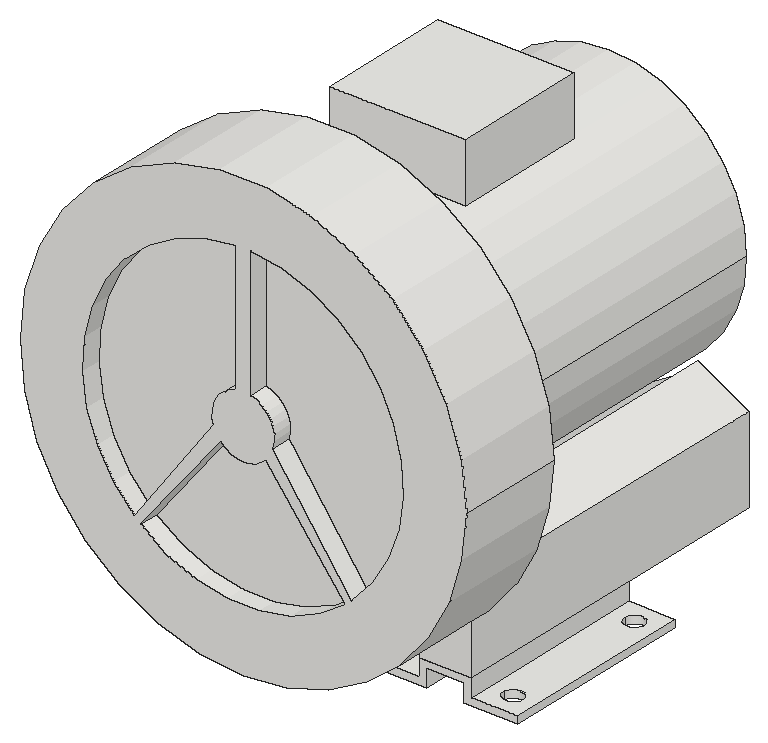
Revit family "PAV_ANAESTIVAC 2", category Equipement de génie climatique, Revit 2018
Family settings
  Cote de connecteur circulaire = Utiliser le diamètre
  Classification = Aucun
  Type d'élément = Normal
  Basée sur le plan de construction = Non
  Toujours verticalement = Oui
  Couper avec des vides une fois chargée = Non
  Partagée = Non
  Point de calcul de pièce = Non
Parameters (values of type "Y006V")
  Zone de maintenance coffret = yes
  Zone de maintenance 1 = yes
  VENT_RAYON_SUPPORT = 125 mm
  VENT_HAUTEUR = 130 mm
  VENT_EPAISSEUR = 61 mm
  VENT_RAYON_VIDE = 90 mm
  VENT_DIAMETRE = 250 mm
  Type_coffret = tableau éléctrique EPT : Coffret_PM2_3xSL150R
  TENSION_ALIM = 400 V
  SOCLE_TROU_LONG = 205 mm
  SOCLE_TROU_LARG = 85 mm
  SOCLE_TROU_DIAMETRE = 11 mm
  SOCLE_PIECE_RAYON = 80 mm
  SOCLE_LONG = 230 mm
  SOCLE_LARG = 110 mm
  PUISS_ELECT_2 = 0 kW
  PUISS_ELECT = 0.38 kW
  PUISS_APPARENTE_2 = 0 VA
  PUISS_APPARENTE = PUISS_ELECT / COS_PHI  # 422.222 VA
  POIDS(Kg) = 13 mm
  NIVEAU_SONORE(dB(A)) = 58
  NEUTRE = yes
  NBR_POLES = 3
  MOTEUR_DIAMETRE = 154 mm
  Lien espace client = ""
  HAUTEUR = 0 mm
  ENSSEMBLE_LONGUEUR = 195 mm
  DOUBLE_ALIMENTATION = no
  DIAM_REFOUL_VIDE = 32 mm
  DIAM_ASPI_VIDE = 32 mm
  DESCR_REFOUL = "Refoulement Vide; 75m3/h; G1\"1/4\"FEM"
  DESCR_ASPI = "Aspiration Vide; 75m3/h; G1\"1/4\"FEM"
  DESCR_ALIM_X = "Alimentation électrique, 5G1mm²"
  DEBIT_REFOUL_VIDE = 75.0 m³/h
  DEBIT_ASPI_VIDE = 75.0 m³/h
  COS_PHI = 0.9  # constant formula
  BRANCHEMENT_TERRE = yes
  BOITE ELEC_HAUT = 77 mm
  ASPI_REFOUL_LONGUEUR = 181.5 mm
  ASPI_REFOULEMENT_VIDE_LONG = 181.5 mm
  ASPI_REFOULEMENT_VIDE_LARG = 100 mm
  ASPI_REFOULEMENT_VIDE_HAUT = 38 mm
Types (5, lengths in mm): name | VENT_RAYON_SUPPORT | VENT_HAUTEUR | VENT_EPAISSEUR | VENT_RAYON_VIDE | VENT_DIAMETRE | TENSION_ALIM | SOCLE_TROU_LONG | SOCLE_TROU_LARG | SOCLE_TROU_DIAMETRE | SOCLE_PIECE_RAYON | SOCLE_LONG | SOCLE_LARG | PUISS_ELECT | PUISS_APPARENTE | POIDS(Kg) | NIVEAU_SONORE(dB(A)) | NBR_POLES | MOTEUR_DIAMETRE | ENSSEMBLE_LONGUEUR | DIAM_REFOUL_VIDE | DIAM_ASPI_VIDE | DESCR_REFOUL | DESCR_ASPI | DESCR_ALIM_X | DEBIT_REFOUL_VIDE | DEBIT_ASPI_VIDE | BOITE ELEC_HAUT | ASPI_REFOUL_LONGUEUR | ASPI_REFOULEMENT_VIDE_LONG | ASPI_REFOULEMENT_VIDE_LARG | ASPI_REFOULEMENT_VIDE_HAUT
  (no name) | 125 | 130 | 61 | 90 | 250 | 400 V | 205 | 85 | 11 | 80 | 230 | 110 | 0.38 kW | 422.222 VA | 13 | 58 | 3 | 154 | 195 | 32 | 32 | "Refoulement Vide; 75m3/h; G1\"1/4\"FEM" | "Aspiration Vide; 75m3/h; G1\"1/4\"FEM" | "Alimentation électrique, 5G1mm²" | 75.0 m³/h | 75.0 m³/h | 77 | 181.5 | 181.5 | 100 | 38
  Y006V | 125 | 130 | 61 | 90 | 250 | 400 V | 205 | 85 | 11 | 80 | 230 | 110 | 0.38 kW | 422.222 VA | 13 | 58 | 3 | 154 | 195 | 32 | 32 | "Refoulement Vide; 75m3/h; G1\"1/4\"FEM" | "Aspiration Vide; 75m3/h; G1\"1/4\"FEM" | "Alimentation électrique, 5G1mm²" | 75.0 m³/h | 75.0 m³/h | 77 | 181.5 | 181.5 | 100 | 38
  Y011V | 143 | 154 | 75 | 108 | 286 | 400 V | 225 | 95 | 12 | 95 | 255 | 130 | 0.9 kW | 1000 VA | 16 | 64 | 1 | 161 | 186 | 40 | 40 | "Refoulement Vide; 144m3/h; G1\"1/2\"FEM" | "Aspiration Vide; 144m3/h; G1\"1/2\"FEM" | "Alimentation électrique, 5G1.5mm²" | 144.0 m³/h | 144.0 m³/h | 80.5 | 156 | 156 | 115 | 46
  Y020V | 162.5 | 174 | 85 | 127.5 | 325 | 230 V | 260 | 115 | 14 | 105 | 295 | 155 | 1.5 kW | 1666.67 VA | 23.5 | 68 | 3 | 177 | 238 | 50 | 50 | "Refoulement Vide; 210m3/h; G2\"FEM" | "Aspiration Vide; 210m3/h; G2\"FEM" | "Alimentation électrique, 5G1.5mm²" | 210.0 m³/h | 210.0 m³/h | 88.5 | 218 | 218 | 120 | 48
  Y030V | 185 | 197 | 95 | 150 | 370 | 400 V | 290 | 140 | 15 | 115 | 325 | 180 | 2.2 kW | 2444.44 VA | 21 | 70 | 3 | 207 | 269 | 50 | 50 | "Refoulement Vide; 306m3/h; G2\"FEM" | "Aspiration Vide; 306m3/h; G2\"FEM" | "Alimentation électrique, 5G2.5mm²" | 306.0 m³/h | 306.0 m³/h | 103.5 | 239 | 239 | 125 | 53
Reference planes
  plane 1 "Centre (avant/arrière)": y = 0
  plane 2: z = 0
  plane 3 "Centre (gauche/droite)": x = 0
  plane 4: x = -545
  plane 5: x = -545
  plane 6: x = -245
  plane 7 "SOCLE AR": y = 55
  plane 8 "SOCLE AV": y = -55
  plane 9 "SOCLE G": x = -115
  plane 10 "SOCLE D": x = 115
  plane 11 "SOCLE_TROU_AXE_AR": y = 42.5
  plane 12 "SOCLE_TROU_AXE_AV": y = -42.5
  plane 13 "SOCLE_TROU_AXE_G": x = -102.5
  plane 14 "SOCLE_TROU_AXE_D": x = 102.5
  plane 15 "VENT_HAUTEUR": z = 130
  plane 16: y = -92.5
  plane 17 "ASPI_REFOULEMENT_VIDE": y = 139
  plane 18: z = 38
  plane 19: x = 50
  plane 20: x = -50
  plane 21 "BOITE ELEC": z = 207
  plane 22: x = 38
  plane 23: x = -38
  plane 24: y = 4.5
  plane 25: y = 80.5
  plane 26: x = -4
  plane 27: x = 4
Forms (mm)
  Extrusion 1, solid, not visible
    sketch origin (-671.698, -1524, 268) x (-1, 0, 0) y (0, -1, 0)
      loop
        circle (-126.698, -1132) r 25
    from 0 to 17
  Extrusion 2, solid, not visible
    sketch origin (-671.698, -1524, 268) x (-1, 0, 0) y (0, -1, 0)
      loop
        circle (-126.698, -1132) r 25
    from 0 to 17
  Extrusion 3, solid, not visible
    sketch origin (-371.698, -1524, 268) x (-1, 0, 0) y (0, -1, 0)
      loop
        circle (-126.698, -1132) r 25
    from 0 to 17
  Extrusion 4, solid, material "BLANC MILS"
    sketch origin (-688.556, -55, 1200) x (-1, 0, 0) y (0, 0, 1)
      loop
        line (-752.556, -1200) -> (-624.556, -1200) -> (-624.556, -1190.124) -> (-603.556, -1190.124) -> (-603.556, -1200) -> (-573.556, -1200) -> (-573.556, -1196) -> (-599.556, -1196) -> (-599.556, -1186.124) -> (-628.556, -1186.124) -> (-628.556, -1196) -> (-748.556, -1196) -> (-748.556, -1186.124) -> (-777.556, -1186.124) -> (-777.556, -1196) -> (-803.556, -1196) -> (-803.556, -1200) -> (-773.556, -1200) -> (-773.556, -1190.124) -> (-752.556, -1190.124) -> (-752.556, -1200)
    from 0 to 110
  Extrusion 5, void
    sketch origin (0, 0, 0) x (1, 0, 0) y (0, 1, 0)
      loop
        circle (-102.5, 42.5) r 5.5
      loop
        circle (102.5, 42.5) r 5.5
      loop
        circle (102.5, -42.5) r 5.5
      loop
        circle (-102.5, -42.5) r 5.5
    from 0 to 4
  Extrusion 6, solid, material "BLANC MILS"
    sketch origin (-166.37, -42.5, 1200) x (-1, 0, 0) y (0, 0, 1)
      loop
        circle (-166.37, -1070) r 125
    from 0 to -61
  Extrusion 7, void
    sketch origin (-198.14, -92.5, 1200) x (1, 0, 0) y (0, 0, 1)
      loop
        arc (194.14, -980.089) -> (113.597, -1039.138) -> (137.156, -1136.189) r 90
        line (137.156, -1136.189) -> (181.386, -1075.054)
        arc (181.386, -1075.054) -> (182.985, -1061.25) -> (194.14, -1052.963) r 17.5
        line (194.14, -1052.963) -> (194.14, -980.089)
      loop
        arc (140.606, -1139.209) -> (198.14, -1160) -> (255.674, -1139.209) r 90
        line (255.674, -1139.209) -> (210.894, -1081.982)
        arc (210.894, -1081.982) -> (198.14, -1087.5) -> (185.386, -1081.982) r 17.5
        line (185.386, -1081.982) -> (140.606, -1139.209)
      loop
        arc (259.124, -1136.189) -> (282.683, -1039.138) -> (202.14, -980.089) r 90
        line (202.14, -980.089) -> (202.14, -1052.963)
        arc (202.14, -1052.963) -> (213.296, -1061.25) -> (214.894, -1075.054) r 17.5
        line (214.894, -1075.054) -> (259.124, -1136.189)
    from 0 to 50
  Extrusion 8, solid, material "BLANC MILS"
    sketch origin (-166.37, -42.5, 1200) x (-1, 0, 0) y (0, 0, 1)
      loop
        line (-77.37, -1186.124) -> (-77.37, -1157.772)
        arc (-77.37, -1157.772) -> (-91.071, -1169.775) -> (-106.37, -1179.659) r 125
        line (-106.37, -1179.659) -> (-106.37, -1186.124) -> (-77.37, -1186.124)
      loop
        line (-255.37, -1186.124) -> (-226.37, -1186.124) -> (-226.37, -1179.659)
        arc (-226.37, -1179.659) -> (-241.67, -1169.775) -> (-255.37, -1157.772) r 125
        line (-255.37, -1157.772) -> (-255.37, -1186.124)
    from 0 to -12.5
  Extrusion 9, solid, material "BLANC MILS"
    sketch origin (-688.556, -55, 1200) x (-1, 0, 0) y (0, 0, 1)
      loop
        line (-684.485, -1186.124) -> (-599.556, -1186.124) -> (-599.556, -1137.598) -> (-627.841, -1122.093)
        arc (-627.841, -1122.093) -> (-653.306, -1141.815) -> (-684.485, -1149.896) r 80
        line (-684.485, -1149.896) -> (-684.485, -1186.124)
      loop
        line (-692.627, -1186.124) -> (-692.627, -1149.896)
        arc (-692.627, -1149.896) -> (-723.806, -1141.815) -> (-749.271, -1122.093) r 80
        line (-749.271, -1122.093) -> (-777.556, -1137.598) -> (-777.556, -1186.124) -> (-692.627, -1186.124)
    from 12.5 to 194
  Extrusion 10, solid, material "BLANC MILS"
    sketch origin (-166.37, -42.5, 1200) x (-1, 0, 0) y (0, 0, 1)
      loop
        circle (-166.37, -1070) r 77
    from 0 to 195
  Extrusion 11, void
    sketch origin (0, 139, 0) x (-1, 0, 0) y (0, 0, 1)
      loop
        circle (-50, 38) r 20
      loop
        circle (50, 38) r 20
    from 0 to -20
  Extrusion 12, solid, material "BLANC MILS"
    sketch origin (213.643, 1609, 207) x (1, 0, 0) y (0, 1, 0)
      loop
        line (-175.643, -1604.5) -> (-175.643, -1528.5) -> (-251.643, -1528.5) -> (-251.643, -1604.5) -> (-175.643, -1604.5)
    from 0 to 33
Cuts and joins
  Extrusion 5 cuts Extrusion 4
  Extrusion 7, Extrusion 11 cuts Extrusion 6
  Extrusion 11 cuts Extrusion 8
  Extrusion 11 cuts Extrusion 9
  joined: Extrusion 6, Extrusion 8, Extrusion 9
Dimensions and locks
  equal spacing: plane 9 "SOCLE G", plane 3 "Centre (gauche/droite)", plane 10 "SOCLE D"
  equal spacing: plane 8 "SOCLE AV", plane 1 "Centre (avant/arrière)", plane 7 "SOCLE AR"
  "SOCLE_LONG": plane 9 "SOCLE G" to plane 10 "SOCLE D"
  "SOCLE_LARG": plane 7 "SOCLE AR" to plane 8 "SOCLE AV"
  equal spacing: plane 13 "SOCLE_TROU_AXE_G", plane 3 "Centre (gauche/droite)", plane 14 "SOCLE_TROU_AXE_D"
  "SOCLE_TROU_LONG": plane 13 "SOCLE_TROU_AXE_G" to plane 14 "SOCLE_TROU_AXE_D"
  equal spacing: plane 12 "SOCLE_TROU_AXE_AV", plane 1 "Centre (avant/arrière)", plane 11 "SOCLE_TROU_AXE_AR"
  "SOCLE_TROU_LARG": plane 11 "SOCLE_TROU_AXE_AR" to plane 12 "SOCLE_TROU_AXE_AV"
  "VENT_HAUTEUR": plane 15 "VENT_HAUTEUR" to level
  "VENT_EPAISSEUR": plane 12 "SOCLE_TROU_AXE_AV" to Extrusion 6
  locked: plane 12 "SOCLE_TROU_AXE_AV" to plane 16 at 50
  Extrusion 10 to Extrusion 9 = 13.5 mm
  "ENSSEMBLE_LONGUEUR": Extrusion 10 to plane 12 "SOCLE_TROU_AXE_AV"
  cut or joined group of Extrusion 6, Extrusion 7, Extrusion 8, Extrusion 9, Extrusion 11 to Extrusion 10 = 256 mm
  "ASPI_REFOUL_LONGUEUR": cut or joined group of Extrusion 6, Extrusion 7, Extrusion 8, Extrusion 9, Extrusion 11 to plane 12 "SOCLE_TROU_AXE_AV"
  "ASPI_REFOULEMENT_VIDE_LONG": plane 17 "ASPI_REFOULEMENT_VIDE" to plane 12 "SOCLE_TROU_AXE_AV"
  "ASPI_REFOULEMENT_VIDE_HAUT": level to plane 18
  equal spacing: plane 19, plane 3 "Centre (gauche/droite)", plane 20
  "ASPI_REFOULEMENT_VIDE_LARG": plane 20 to plane 19
  "BOITE ELEC_HAUT": plane 15 "VENT_HAUTEUR" to plane 21 "BOITE ELEC"
  equal spacing: plane 25, plane 11 "SOCLE_TROU_AXE_AR", plane 24
  equal spacing: Extrusion 12, plane 3 "Centre (gauche/droite)", Extrusion 12
  radius of Extrusion 1 sketch curve = 25 mm
  radius of Extrusion 2 sketch curve = 25 mm
  radius of Extrusion 3 sketch curve = 25 mm
  "SOCLE_TROU_DIAMETRE": diameter of Extrusion 5 sketch curve  (x4)
  "VENT_DIAMETRE": diameter of Extrusion 6 sketch curve
  "VENT_RAYON_VIDE": radius of Extrusion 7 sketch curve  (x3)
  "VENT_RAYON_SUPPORT": radius of Extrusion 8 sketch curve  (x2)
  "SOCLE_PIECE_RAYON": radius of Extrusion 9 sketch curve  (x2)
  "MOTEUR_DIAMETRE": diameter of Extrusion 10 sketch curve
  aligned and locked: level to plane 2
  aligned and locked: plane 7 "SOCLE AR" to Extrusion 4
  aligned and locked: Extrusion 4 to plane 8 "SOCLE AV"
  aligned and locked: plane 13 "SOCLE_TROU_AXE_G" to Extrusion 5 sketch curve
  aligned and locked: plane 11 "SOCLE_TROU_AXE_AR" to Extrusion 5 sketch curve  (x2)
  aligned and locked: plane 14 "SOCLE_TROU_AXE_D" to Extrusion 5 sketch curve  (x2)
  aligned and locked: plane 12 "SOCLE_TROU_AXE_AV" to Extrusion 5 sketch curve
  aligned and locked: plane 3 "Centre (gauche/droite)" to Extrusion 6 sketch curve
  aligned and locked: plane 15 "VENT_HAUTEUR" to Extrusion 6 sketch curve
  aligned and locked: plane 12 "SOCLE_TROU_AXE_AV" to Extrusion 6
  aligned and locked: plane 15 "VENT_HAUTEUR" to Extrusion 7 sketch curve  (x6)
  aligned and locked: plane 3 "Centre (gauche/droite)" to Extrusion 7 sketch curve  (x6)
  aligned and locked: plane 15 "VENT_HAUTEUR" to Extrusion 8 sketch curve
  aligned and locked: plane 3 "Centre (gauche/droite)" to Extrusion 8 sketch curve
  aligned and locked: cut or joined group of Extrusion 4, Extrusion 5 to Extrusion 8
  aligned and locked: Extrusion 8 to cut or joined group of Extrusion 4, Extrusion 5
  aligned and locked: cut or joined group of Extrusion 4, Extrusion 5 to Extrusion 8 sketch curve  (x2)
  aligned and locked: Extrusion 8 sketch curve to cut or joined group of Extrusion 4, Extrusion 5  (x2)
  aligned and locked: plane 15 "VENT_HAUTEUR" to Extrusion 9 sketch curve
  aligned and locked: plane 3 "Centre (gauche/droite)" to Extrusion 9 sketch curve
  aligned and locked: Extrusion 9 to plane 12 "SOCLE_TROU_AXE_AV"
  aligned and locked: plane 19 to Extrusion 11 sketch curve
  aligned and locked: plane 18 to Extrusion 11 sketch curve  (x2)
  aligned and locked: plane 20 to Extrusion 11 sketch curve
  aligned and locked: plane 24 to Extrusion 12
  aligned and locked: plane 22 to Extrusion 12
  aligned and locked: plane 25 to Extrusion 12
  aligned and locked: plane 23 to Extrusion 12
Automatic sketch dimensions
  Extrusion 4 sketch curve to plane 10 "SOCLE D" = 0 mm
  Extrusion 4 sketch curve to level = 0 mm  (x3)
  Extrusion 4 sketch curve to plane 9 "SOCLE G" = 0 mm
  Extrusion 4 sketch curve to plane 14 "SOCLE_TROU_AXE_D" = 13.5 mm
  Extrusion 4 sketch curve to Extrusion 4 sketch curve = 4 mm  (x6)
  level to Extrusion 4 sketch curve = 13.876 mm
  plane 13 "SOCLE_TROU_AXE_G" to Extrusion 4 sketch curve = 42.5 mm
  plane 13 "SOCLE_TROU_AXE_G" to Extrusion 4 sketch curve = 17.5 mm
  level to Extrusion 4 sketch curve = 4 mm  (x3)
  Extrusion 4 sketch curve to Extrusion 4 sketch curve = 5.876 mm
  Extrusion 4 sketch curve to Extrusion 4 sketch curve = 21 mm
  Extrusion 12 sketch curve to plane 23 = 0 mm
  Extrusion 12 sketch curve to plane 22 = 0 mm
  Extrusion 12 sketch curve to plane 24 = 0 mm
  Extrusion 12 sketch curve to plane 25 = 0 mm
  Extrusion 5 sketch curve to plane 12 "SOCLE_TROU_AXE_AV" = 0 mm
  Extrusion 5 sketch curve to plane 13 "SOCLE_TROU_AXE_G" = 0 mm
  Extrusion 7 sketch curve to plane 26 = 0 mm
  Extrusion 7 sketch curve to plane 27 = 0 mm
  Extrusion 7 sketch curve to plane 26 = 8.754 mm
  Extrusion 7 sketch curve to plane 15 "VENT_HAUTEUR" = 5.054 mm  (x2)
  Extrusion 7 sketch curve to Extrusion 7 sketch curve = 4 mm  (x2)
  plane 20 to Extrusion 7 sketch curve = 7.534 mm
  Extrusion 7 sketch curve to Extrusion 7 sketch curve = 3.45 mm  (x2)
  plane 27 to Extrusion 7 sketch curve = 8.754 mm
  plane 19 to Extrusion 7 sketch curve = 7.534 mm
  Extrusion 7 sketch curve to Extrusion 7 sketch curve = 6.928 mm
  Extrusion 8 sketch curve to Extrusion 8 sketch curve = 0 mm  (x2)
  level to Extrusion 8 sketch curve = 13.876 mm  (x2)
  Extrusion 9 sketch curve to Extrusion 9 sketch curve = 0 mm  (x3)
  plane 27 to Extrusion 9 sketch curve = 0.071 mm
  plane 19 to Extrusion 9 sketch curve = 10.715 mm
  Extrusion 9 sketch curve to plane 14 "SOCLE_TROU_AXE_D" = 13.5 mm
  Extrusion 9 sketch curve to plane 26 = 0.071 mm
  plane 20 to Extrusion 9 sketch curve = 10.715 mm
  plane 13 "SOCLE_TROU_AXE_G" to Extrusion 9 sketch curve = 13.5 mm
  level to Extrusion 9 sketch curve = 13.876 mm
  plane 18 to Extrusion 9 sketch curve = 24.402 mm  (x2)
  Extrusion 10 sketch curve to plane 3 "Centre (gauche/droite)" = 0 mm
  Extrusion 10 sketch curve to plane 15 "VENT_HAUTEUR" = 0 mm
  radius of Extrusion 11 sketch curve = 20 mm  (x2)
Connectors
  electrical at (-38, 42.5, 223.5), driven by "NBR_POLES", driven by "TENSION_ALIM", driven by "PUISS_APPARENTE", driven by "DESCR_ALIM_X", driven by "PUISS_APPARENTE"
    settings: on Extrusion 12, index 1, voltage 400 V, apparent load 422.222 VA, apparent load phase1 422.222 VA, apparent load phase2 0 VA, apparent load phase3 0 VA, power factor 1, load classification "Moteur", number of poles 3, system type 30, power factor state 1, is connector primary yes, connector utility no, sub classification motor no, connector description "Alimentation électrique, 5G1mm²"
  piping at (50, 139, 38), diameter 32, driven by "DIAM_ASPI_VIDE", driven by "DEBIT_ASPI_VIDE", driven by "DESCR_ASPI"
    settings: on cut or joined group of Extrusion 6, Extrusion 7, Extrusion 8, Extrusion 9, Extrusion 11, index 2, connector inside diameter 609.6 mm, connector length 0 mm, flow factor 0, pipe flow 75.0 m³/h, pressure drop 0.0 Pa, fitting loss kfactor 0, connector angle 0.00°, fixture units 0, engagement length 0 mm, angle of deflection 0.00°, flow configuration 0, flow direction 1, fitting loss method 0, system type 22, joint type 0, gender type 0, connector reference index -1, connector utility 0, adjustable connector no, is connector primary yes, connector description "Aspiration Vide; 75m3/h; G1\"1/4\"FEM"
  piping at (-50, 139, 38), diameter 32, driven by "DIAM_REFOUL_VIDE", driven by "DEBIT_REFOUL_VIDE", driven by "DESCR_REFOUL"
    settings: on cut or joined group of Extrusion 6, Extrusion 7, Extrusion 8, Extrusion 9, Extrusion 11, index 3, connector inside diameter 609.6 mm, connector length 0 mm, flow factor 0, pipe flow 75.0 m³/h, pressure drop 0.0 Pa, fitting loss kfactor 0, connector angle 0.00°, fixture units 0, engagement length 0 mm, angle of deflection 0.00°, flow configuration 0, flow direction 2, fitting loss method 0, system type 22, joint type 0, gender type 0, connector reference index -1, connector utility 0, adjustable connector no, is connector primary no, connector description "Refoulement Vide; 75m3/h; G1\"1/4\"FEM"
